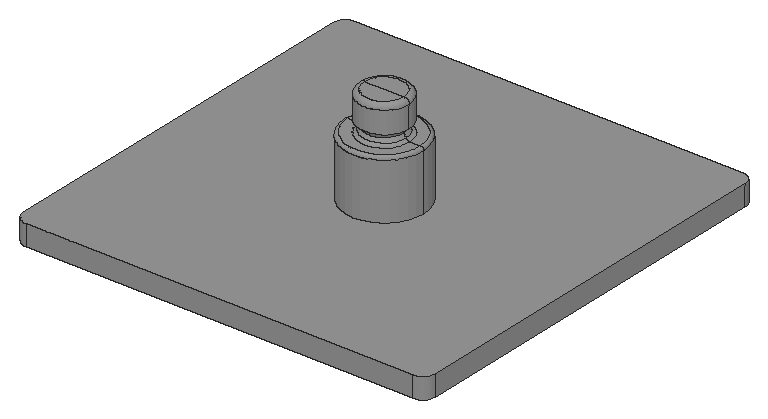
Revit family "DUCHA FIJA TRENTO CUAD 20 SBRAZO", category Plumbing Fixtures, Revit 2019
Family settings
  Round Connector Dimension = Use Diameter
  Part Type = Normal
  OmniClass Number = 23.45.00.00
  OmniClass Title = Sanitary, Laundry, and Cleaning Equipment
  Work Plane-Based = No
  Always vertical = Yes
  Cut with Voids When Loaded = No
  Shared = No
  Room Calculation Point = No
Reference planes
  plane 1 "Center (Front/Back)": y = 0
  plane 2: z = 0
  plane 3 "Center (Left/Right)": x = 0
Forms (mm)
  Extrusion 1, solid
    sketch origin (0, 0, 0) x (1, 0, 0) y (0, 1, 0)
      loop
        line (6.146, 0) -> (193.924, 0)
        arc (193.924, 0) -> (198.22, 1.78) -> (200, 6.076) r 6.076
        line (200, 6.076) -> (200, 193.899)
        arc (200, 193.899) -> (198.213, 198.213) -> (193.899, 200) r 6.101
        line (193.899, 200) -> (6.138, 200)
        arc (6.138, 200) -> (1.798, 198.202) -> (0, 193.862) r 6.138
        line (0, 193.862) -> (0, 6.146)
        arc (0, 6.146) -> (1.8, 1.8) -> (6.146, 0) r 6.146
    from 0 to 10
  Revolve 2, solid
    sketch origin (0, 100, 0) x (1, 0, 0) y (0, 0, 1)
      loop
        line (100, 10) -> (119, 10) -> (119, 37.266)
        arc (119, 37.266) -> (118.556, 38.337) -> (117.485, 38.781) r 1.515
        line (117.485, 38.781) -> (112.164, 38.781)
        arc (112.164, 38.781) -> (111.125, 39.059) -> (110.365, 39.819) r 2.077
        line (110.365, 39.819) -> (109.25, 41.75) -> (110.838, 44.5) -> (112, 44.5) -> (112, 55.047)
        arc (112, 55.047) -> (111.282, 56.782) -> (109.547, 57.5) r 2.453
        line (109.547, 57.5) -> (100, 57.5) -> (100, 10)
      axis (100, 10) -> (100, 57.5)
    angle from 0 to 360
  Extrusion 3, solid
    sketch origin (0, 0, 0) x (1, 0, 0) y (0, 1, 0)
      loop
        circle (15, 185) r 3
    from -3.859 to 0
  Extrusion 4, solid
    sketch origin (15, 0, 0) x (1, 0, 0) y (0, 1, 0)
      loop
        circle (15, 185) r 3
    from -3.859 to 0
  Extrusion 5, solid
    sketch origin (30, 0, 0) x (1, 0, 0) y (0, 1, 0)
      loop
        circle (15, 185) r 3
    from -3.859 to 0
  Extrusion 6, solid
    sketch origin (45, 0, 0) x (1, 0, 0) y (0, 1, 0)
      loop
        circle (15, 185) r 3
    from -3.859 to 0
  Extrusion 7, solid
    sketch origin (60, 0, 0) x (1, 0, 0) y (0, 1, 0)
      loop
        circle (15, 185) r 3
    from -3.859 to 0
  Extrusion 8, solid
    sketch origin (75, 0, 0) x (1, 0, 0) y (0, 1, 0)
      loop
        circle (15, 185) r 3
    from -3.859 to 0
  Extrusion 9, solid
    sketch origin (90, 0, 0) x (1, 0, 0) y (0, 1, 0)
      loop
        circle (15, 185) r 3
    from -3.859 to 0
  Extrusion 10, solid
    sketch origin (105, 0, 0) x (1, 0, 0) y (0, 1, 0)
      loop
        circle (15, 185) r 3
    from -3.859 to 0
  Extrusion 11, solid
    sketch origin (120, 0, 0) x (1, 0, 0) y (0, 1, 0)
      loop
        circle (15, 185) r 3
    from -3.859 to 0
  Extrusion 12, solid
    sketch origin (135, 0, 0) x (1, 0, 0) y (0, 1, 0)
      loop
        circle (15, 185) r 3
    from -3.859 to 0
  Extrusion 13, solid
    sketch origin (150, 0, 0) x (1, 0, 0) y (0, 1, 0)
      loop
        circle (15, 185) r 3
    from -3.859 to 0
  Extrusion 14, solid
    sketch origin (165, 0, 0) x (1, 0, 0) y (0, 1, 0)
      loop
        circle (15, 185) r 3
    from -3.859 to 0
  Extrusion 15, solid
    sketch origin (0, -25, 0) x (1, 0, 0) y (0, 1, 0)
      loop
        circle (15, 185) r 3
    from -3.859 to 0
  Extrusion 16, solid
    sketch origin (15, -25, 0) x (1, 0, 0) y (0, 1, 0)
      loop
        circle (15, 185) r 3
    from -3.859 to 0
  Extrusion 17, solid
    sketch origin (30, -25, 0) x (1, 0, 0) y (0, 1, 0)
      loop
        circle (15, 185) r 3
    from -3.859 to 0
  Extrusion 18, solid
    sketch origin (45, -25, 0) x (1, 0, 0) y (0, 1, 0)
      loop
        circle (15, 185) r 3
    from -3.859 to 0
  Extrusion 19, solid
    sketch origin (60, -25, 0) x (1, 0, 0) y (0, 1, 0)
      loop
        circle (15, 185) r 3
    from -3.859 to 0
  Extrusion 20, solid
    sketch origin (75, -25, 0) x (1, 0, 0) y (0, 1, 0)
      loop
        circle (15, 185) r 3
    from -3.859 to 0
  Extrusion 21, solid
    sketch origin (90, -25, 0) x (1, 0, 0) y (0, 1, 0)
      loop
        circle (15, 185) r 3
    from -3.859 to 0
  Extrusion 22, solid
    sketch origin (105, -25, 0) x (1, 0, 0) y (0, 1, 0)
      loop
        circle (15, 185) r 3
    from -3.859 to 0
  Extrusion 23, solid
    sketch origin (120, -25, 0) x (1, 0, 0) y (0, 1, 0)
      loop
        circle (15, 185) r 3
    from -3.859 to 0
  Extrusion 24, solid
    sketch origin (135, -25, 0) x (1, 0, 0) y (0, 1, 0)
      loop
        circle (15, 185) r 3
    from -3.859 to 0
  Extrusion 25, solid
    sketch origin (150, -25, 0) x (1, 0, 0) y (0, 1, 0)
      loop
        circle (15, 185) r 3
    from -3.859 to 0
  Extrusion 26, solid
    sketch origin (165, -25, 0) x (1, 0, 0) y (0, 1, 0)
      loop
        circle (15, 185) r 3
    from -3.859 to 0
  Extrusion 27, solid
    sketch origin (0, -50, 0) x (1, 0, 0) y (0, 1, 0)
      loop
        circle (15, 185) r 3
    from -3.859 to 0
  Extrusion 28, solid
    sketch origin (15, -50, 0) x (1, 0, 0) y (0, 1, 0)
      loop
        circle (15, 185) r 3
    from -3.859 to 0
  Extrusion 29, solid
    sketch origin (30, -50, 0) x (1, 0, 0) y (0, 1, 0)
      loop
        circle (15, 185) r 3
    from -3.859 to 0
  Extrusion 30, solid
    sketch origin (45, -50, 0) x (1, 0, 0) y (0, 1, 0)
      loop
        circle (15, 185) r 3
    from -3.859 to 0
  Extrusion 31, solid
    sketch origin (60, -50, 0) x (1, 0, 0) y (0, 1, 0)
      loop
        circle (15, 185) r 3
    from -3.859 to 0
  Extrusion 32, solid
    sketch origin (75, -50, 0) x (1, 0, 0) y (0, 1, 0)
      loop
        circle (15, 185) r 3
    from -3.859 to 0
  Extrusion 33, solid
    sketch origin (90, -50, 0) x (1, 0, 0) y (0, 1, 0)
      loop
        circle (15, 185) r 3
    from -3.859 to 0
  Extrusion 34, solid
    sketch origin (105, -50, 0) x (1, 0, 0) y (0, 1, 0)
      loop
        circle (15, 185) r 3
    from -3.859 to 0
  Extrusion 35, solid
    sketch origin (120, -50, 0) x (1, 0, 0) y (0, 1, 0)
      loop
        circle (15, 185) r 3
    from -3.859 to 0
  Extrusion 36, solid
    sketch origin (135, -50, 0) x (1, 0, 0) y (0, 1, 0)
      loop
        circle (15, 185) r 3
    from -3.859 to 0
  Extrusion 37, solid
    sketch origin (150, -50, 0) x (1, 0, 0) y (0, 1, 0)
      loop
        circle (15, 185) r 3
    from -3.859 to 0
  Extrusion 38, solid
    sketch origin (165, -50, 0) x (1, 0, 0) y (0, 1, 0)
      loop
        circle (15, 185) r 3
    from -3.859 to 0
  Extrusion 39, solid
    sketch origin (0, -75, 0) x (1, 0, 0) y (0, 1, 0)
      loop
        circle (15, 185) r 3
    from -3.859 to 0
  Extrusion 40, solid
    sketch origin (15, -75, 0) x (1, 0, 0) y (0, 1, 0)
      loop
        circle (15, 185) r 3
    from -3.859 to 0
  Extrusion 41, solid
    sketch origin (30, -75, 0) x (1, 0, 0) y (0, 1, 0)
      loop
        circle (15, 185) r 3
    from -3.859 to 0
  Extrusion 42, solid
    sketch origin (45, -75, 0) x (1, 0, 0) y (0, 1, 0)
      loop
        circle (15, 185) r 3
    from -3.859 to 0
  Extrusion 43, solid
    sketch origin (120, -75, 0) x (1, 0, 0) y (0, 1, 0)
      loop
        circle (15, 185) r 3
    from -3.859 to 0
  Extrusion 44, solid
    sketch origin (135, -75, 0) x (1, 0, 0) y (0, 1, 0)
      loop
        circle (15, 185) r 3
    from -3.859 to 0
  Extrusion 45, solid
    sketch origin (150, -75, 0) x (1, 0, 0) y (0, 1, 0)
      loop
        circle (15, 185) r 3
    from -3.859 to 0
  Extrusion 46, solid
    sketch origin (165, -75, 0) x (1, 0, 0) y (0, 1, 0)
      loop
        circle (15, 185) r 3
    from -3.859 to 0
  Extrusion 47, solid
    sketch origin (0, -100, 0) x (1, 0, 0) y (0, 1, 0)
      loop
        circle (15, 185) r 3
    from -3.859 to 0
  Extrusion 48, solid
    sketch origin (15, -100, 0) x (1, 0, 0) y (0, 1, 0)
      loop
        circle (15, 185) r 3
    from -3.859 to 0
  Extrusion 49, solid
    sketch origin (30, -100, 0) x (1, 0, 0) y (0, 1, 0)
      loop
        circle (15, 185) r 3
    from -3.859 to 0
  Extrusion 50, solid
    sketch origin (45, -100, 0) x (1, 0, 0) y (0, 1, 0)
      loop
        circle (15, 185) r 3
    from -3.859 to 0
  Extrusion 51, solid
    sketch origin (120, -100, 0) x (1, 0, 0) y (0, 1, 0)
      loop
        circle (15, 185) r 3
    from -3.859 to 0
  Extrusion 52, solid
    sketch origin (135, -100, 0) x (1, 0, 0) y (0, 1, 0)
      loop
        circle (15, 185) r 3
    from -3.859 to 0
  Extrusion 53, solid
    sketch origin (150, -100, 0) x (1, 0, 0) y (0, 1, 0)
      loop
        circle (15, 185) r 3
    from -3.859 to 0
  Extrusion 54, solid
    sketch origin (165, -100, 0) x (1, 0, 0) y (0, 1, 0)
      loop
        circle (15, 185) r 3
    from -3.859 to 0
  Extrusion 55, solid
    sketch origin (0, -125, 0) x (1, 0, 0) y (0, 1, 0)
      loop
        circle (15, 185) r 3
    from -3.859 to 0
  Extrusion 56, solid
    sketch origin (15, -125, 0) x (1, 0, 0) y (0, 1, 0)
      loop
        circle (15, 185) r 3
    from -3.859 to 0
  Extrusion 57, solid
    sketch origin (30, -125, 0) x (1, 0, 0) y (0, 1, 0)
      loop
        circle (15, 185) r 3
    from -3.859 to 0
  Extrusion 58, solid
    sketch origin (45, -125, 0) x (1, 0, 0) y (0, 1, 0)
      loop
        circle (15, 185) r 3
    from -3.859 to 0
  Extrusion 59, solid
    sketch origin (60, -125, 0) x (1, 0, 0) y (0, 1, 0)
      loop
        circle (15, 185) r 3
    from -3.859 to 0
  Extrusion 60, solid
    sketch origin (75, -125, 0) x (1, 0, 0) y (0, 1, 0)
      loop
        circle (15, 185) r 3
    from -3.859 to 0
  Extrusion 61, solid
    sketch origin (90, -125, 0) x (1, 0, 0) y (0, 1, 0)
      loop
        circle (15, 185) r 3
    from -3.859 to 0
  Extrusion 62, solid
    sketch origin (105, -125, 0) x (1, 0, 0) y (0, 1, 0)
      loop
        circle (15, 185) r 3
    from -3.859 to 0
  Extrusion 63, solid
    sketch origin (120, -125, 0) x (1, 0, 0) y (0, 1, 0)
      loop
        circle (15, 185) r 3
    from -3.859 to 0
  Extrusion 64, solid
    sketch origin (135, -125, 0) x (1, 0, 0) y (0, 1, 0)
      loop
        circle (15, 185) r 3
    from -3.859 to 0
  Extrusion 65, solid
    sketch origin (150, -125, 0) x (1, 0, 0) y (0, 1, 0)
      loop
        circle (15, 185) r 3
    from -3.859 to 0
  Extrusion 66, solid
    sketch origin (165, -125, 0) x (1, 0, 0) y (0, 1, 0)
      loop
        circle (15, 185) r 3
    from -3.859 to 0
  Extrusion 67, solid
    sketch origin (0, -150, 0) x (1, 0, 0) y (0, 1, 0)
      loop
        circle (15, 185) r 3
    from -3.859 to 0
  Extrusion 68, solid
    sketch origin (15, -150, 0) x (1, 0, 0) y (0, 1, 0)
      loop
        circle (15, 185) r 3
    from -3.859 to 0
  Extrusion 69, solid
    sketch origin (30, -150, 0) x (1, 0, 0) y (0, 1, 0)
      loop
        circle (15, 185) r 3
    from -3.859 to 0
  Extrusion 70, solid
    sketch origin (45, -150, 0) x (1, 0, 0) y (0, 1, 0)
      loop
        circle (15, 185) r 3
    from -3.859 to 0
  Extrusion 71, solid
    sketch origin (60, -150, 0) x (1, 0, 0) y (0, 1, 0)
      loop
        circle (15, 185) r 3
    from -3.859 to 0
  Extrusion 72, solid
    sketch origin (75, -150, 0) x (1, 0, 0) y (0, 1, 0)
      loop
        circle (15, 185) r 3
    from -3.859 to 0
  Extrusion 73, solid
    sketch origin (90, -150, 0) x (1, 0, 0) y (0, 1, 0)
      loop
        circle (15, 185) r 3
    from -3.859 to 0
  Extrusion 74, solid
    sketch origin (105, -150, 0) x (1, 0, 0) y (0, 1, 0)
      loop
        circle (15, 185) r 3
    from -3.859 to 0
  Extrusion 75, solid
    sketch origin (120, -150, 0) x (1, 0, 0) y (0, 1, 0)
      loop
        circle (15, 185) r 3
    from -3.859 to 0
  Extrusion 76, solid
    sketch origin (135, -150, 0) x (1, 0, 0) y (0, 1, 0)
      loop
        circle (15, 185) r 3
    from -3.859 to 0
  Extrusion 77, solid
    sketch origin (150, -150, 0) x (1, 0, 0) y (0, 1, 0)
      loop
        circle (15, 185) r 3
    from -3.859 to 0
  Extrusion 78, solid
    sketch origin (165, -150, 0) x (1, 0, 0) y (0, 1, 0)
      loop
        circle (15, 185) r 3
    from -3.859 to 0
  Extrusion 79, solid
    sketch origin (0, -175, 0) x (1, 0, 0) y (0, 1, 0)
      loop
        circle (15, 185) r 3
    from -3.859 to 0
  Extrusion 80, solid
    sketch origin (15, -175, 0) x (1, 0, 0) y (0, 1, 0)
      loop
        circle (15, 185) r 3
    from -3.859 to 0
  Extrusion 81, solid
    sketch origin (30, -175, 0) x (1, 0, 0) y (0, 1, 0)
      loop
        circle (15, 185) r 3
    from -3.859 to 0
  Extrusion 82, solid
    sketch origin (45, -175, 0) x (1, 0, 0) y (0, 1, 0)
      loop
        circle (15, 185) r 3
    from -3.859 to 0
  Extrusion 83, solid
    sketch origin (60, -175, 0) x (1, 0, 0) y (0, 1, 0)
      loop
        circle (15, 185) r 3
    from -3.859 to 0
  Extrusion 84, solid
    sketch origin (75, -175, 0) x (1, 0, 0) y (0, 1, 0)
      loop
        circle (15, 185) r 3
    from -3.859 to 0
  Extrusion 85, solid
    sketch origin (90, -175, 0) x (1, 0, 0) y (0, 1, 0)
      loop
        circle (15, 185) r 3
    from -3.859 to 0
  Extrusion 86, solid
    sketch origin (105, -175, 0) x (1, 0, 0) y (0, 1, 0)
      loop
        circle (15, 185) r 3
    from -3.859 to 0
  Extrusion 87, solid
    sketch origin (120, -175, 0) x (1, 0, 0) y (0, 1, 0)
      loop
        circle (15, 185) r 3
    from -3.859 to 0
  Extrusion 88, solid
    sketch origin (135, -175, 0) x (1, 0, 0) y (0, 1, 0)
      loop
        circle (15, 185) r 3
    from -3.859 to 0
  Extrusion 89, solid
    sketch origin (150, -175, 0) x (1, 0, 0) y (0, 1, 0)
      loop
        circle (15, 185) r 3
    from -3.859 to 0
  Extrusion 90, solid
    sketch origin (165, -175, 0) x (1, 0, 0) y (0, 1, 0)
      loop
        circle (15, 185) r 3
    from -3.859 to 0
Dimensions and locks
  equal spacing: group 1, group 2, group 3, group 4, group 5, group 6, group 7, group 8, group 9, group 10, group 11, group 12  (x3)
  aligned and locked: level to plane 2
